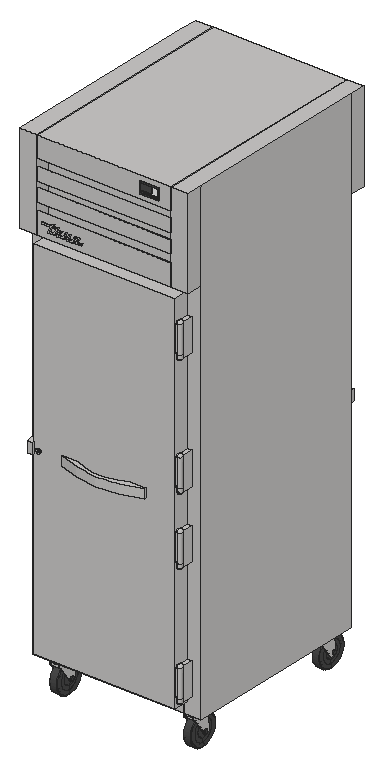
Revit family "QF_TRUE_STG1FPT-1S-1S", category Specialty Equipment, Revit 2012 (continued)
Automatic sketch dimensions
  Revolve 10 sketch curve to plane 4 "FRONT" = 43/64"
  Revolve 10 sketch curve to Revolve 10 sketch curve = 0.40666"
  Revolve 10 sketch curve to Revolve 10 sketch curve = 0"
  Revolve 10 sketch curve to plane 5 "TOP" = 18.75492"
  Revolve 10 sketch curve to Revolve 10 sketch curve = 0.55526"
  Revolve 10 sketch curve to Revolve 10 sketch curve = 0.19474"
  Revolve 10 sketch curve to Revolve 10 sketch curve = 0.14649"
  Revolve 10 sketch curve to Revolve 10 sketch curve = 4.42889"
  Revolve 10 sketch curve to Revolve 10 sketch curve = 0.05342"
  Revolve 10 sketch curve to Revolve 10 sketch curve = 0.51246"
  Revolve 10 sketch curve to Revolve 10 sketch curve = 0.05889"
  Extrusion 11 sketch curve to plane 3 "RIGHT" = 1.88366"
  Extrusion 11 sketch curve to Extrusion 11 sketch curve = 0.39759"
  Extrusion 11 sketch curve to plane 5 "TOP" = 19.6514"
  Extrusion 11 sketch curve to Extrusion 11 sketch curve = 4.47281"
  Extrusion 12 sketch curve to plane 4 "FRONT" = 11/16"
  Extrusion 12 sketch curve to Extrusion 12 sketch curve = 0.43503"
  Extrusion 12 sketch curve to Extrusion 12 sketch curve = 0.20453"
  Extrusion 12 sketch curve to Extrusion 12 sketch curve = 1.42294"
  plane 6 to Extrusion 12 sketch curve = 38.92729"
  Extrusion 12 sketch curve to Extrusion 12 sketch curve = 4.39928"
  Extrusion 12 sketch curve to Extrusion 12 sketch curve = 0.71221"
  Revolve 13 sketch curve to plane 4 "FRONT" = 0.26521"  (x2)
  Revolve 13 sketch curve to Revolve 13 sketch curve = 0.38242"
  Revolve 13 sketch curve to Revolve 13 sketch curve = 0.38436"
  Revolve 13 sketch curve to plane 4 "FRONT" = 43/64"
  Revolve 13 sketch curve to Revolve 13 sketch curve = 0.40666"
  Revolve 13 sketch curve to Revolve 13 sketch curve = 0"
  Revolve 13 sketch curve to plane 5 "TOP" = 38.25492"
  Revolve 13 sketch curve to Revolve 13 sketch curve = 0.55526"
  Revolve 13 sketch curve to Revolve 13 sketch curve = 0.19474"
  Revolve 13 sketch curve to Revolve 13 sketch curve = 0.14649"
  Revolve 13 sketch curve to Revolve 13 sketch curve = 4.42889"
  Revolve 13 sketch curve to Revolve 13 sketch curve = 0.05342"
  Revolve 13 sketch curve to Revolve 13 sketch curve = 0.51246"
  Revolve 13 sketch curve to Revolve 13 sketch curve = 0.05889"
  Extrusion 14 sketch curve to plane 3 "RIGHT" = 1.88366"
  Extrusion 14 sketch curve to Extrusion 14 sketch curve = 0.39759"
  plane 6 to Extrusion 14 sketch curve = 38.8486"
  Extrusion 14 sketch curve to Extrusion 14 sketch curve = 4.47281"
  Extrusion 15 sketch curve to plane 4 "FRONT" = 11/16"
  Extrusion 15 sketch curve to Extrusion 15 sketch curve = 0.43503"
  Extrusion 15 sketch curve to Extrusion 15 sketch curve = 0.20453"
  Extrusion 15 sketch curve to Extrusion 15 sketch curve = 1.42294"
  plane 6 to Extrusion 15 sketch curve = 27.92729"
  Extrusion 15 sketch curve to Extrusion 15 sketch curve = 4.39928"
  Extrusion 15 sketch curve to Extrusion 15 sketch curve = 0.71221"
  Revolve 16 sketch curve to plane 4 "FRONT" = 0.26521"  (x2)
  Revolve 16 sketch curve to Revolve 16 sketch curve = 0.38242"
  Revolve 16 sketch curve to Revolve 16 sketch curve = 0.38436"
  Revolve 16 sketch curve to plane 4 "FRONT" = 43/64"
  Revolve 16 sketch curve to Revolve 16 sketch curve = 0.40666"
  Revolve 16 sketch curve to Revolve 16 sketch curve = 0"
  plane 6 to Revolve 16 sketch curve = 28.74508"
  Revolve 16 sketch curve to Revolve 16 sketch curve = 0.55526"
  Revolve 16 sketch curve to Revolve 16 sketch curve = 0.19474"
  Revolve 16 sketch curve to Revolve 16 sketch curve = 0.14649"
  Revolve 16 sketch curve to Revolve 16 sketch curve = 4.42889"
  Revolve 16 sketch curve to Revolve 16 sketch curve = 0.05342"
  Revolve 16 sketch curve to Revolve 16 sketch curve = 0.51246"
  Revolve 16 sketch curve to Revolve 16 sketch curve = 0.05889"
  Extrusion 17 sketch curve to plane 3 "RIGHT" = 1.88366"
  Extrusion 17 sketch curve to Extrusion 17 sketch curve = 0.39759"
  plane 6 to Extrusion 17 sketch curve = 27.8486"
  Extrusion 17 sketch curve to Extrusion 17 sketch curve = 4.47281"
  Extrusion 18 sketch curve to plane 4 "FRONT" = 11/16"
  Extrusion 18 sketch curve to Extrusion 18 sketch curve = 0.43503"
  Extrusion 18 sketch curve to Extrusion 18 sketch curve = 0.20453"
  Extrusion 18 sketch curve to Extrusion 18 sketch curve = 1.42294"
  plane 6 to Extrusion 18 sketch curve = 8.17729"
  plane 6 to Extrusion 18 sketch curve = 3.57348"
  Extrusion 18 sketch curve to Extrusion 18 sketch curve = 0.71221"
  Revolve 19 sketch curve to plane 4 "FRONT" = 0.26521"  (x2)
  Revolve 19 sketch curve to Revolve 19 sketch curve = 0.38242"
  Revolve 19 sketch curve to Revolve 19 sketch curve = 0.38436"
  Revolve 19 sketch curve to plane 4 "FRONT" = 43/64"
  Revolve 19 sketch curve to Revolve 19 sketch curve = 0.40666"
  Revolve 19 sketch curve to Revolve 19 sketch curve = 0"
  plane 6 to Revolve 19 sketch curve = 8.99508"
  Revolve 19 sketch curve to Revolve 19 sketch curve = 0.55526"
  Revolve 19 sketch curve to Revolve 19 sketch curve = 0.19474"
  Revolve 19 sketch curve to Revolve 19 sketch curve = 0.14649"
  plane 6 to Revolve 19 sketch curve = 3.62689"
  Revolve 19 sketch curve to Revolve 19 sketch curve = 0.05342"
  Revolve 19 sketch curve to Revolve 19 sketch curve = 0.51246"
  Revolve 19 sketch curve to Revolve 19 sketch curve = 0.05889"
  Extrusion 20 sketch curve to plane 3 "RIGHT" = 1.88366"
  Extrusion 20 sketch curve to Extrusion 20 sketch curve = 0.39759"
  plane 6 to Extrusion 20 sketch curve = 8.0986"
  plane 6 to Extrusion 20 sketch curve = 3.62579"
  Revolve 21 sketch curve to plane 3 "RIGHT" = 4.35148"
  Revolve 21 sketch curve to Revolve 21 sketch curve = 0.48273"
  Revolve 21 sketch curve to Revolve 21 sketch curve = 0.4"
  Revolve 21 sketch curve to Revolve 21 sketch curve = 0"  (x2)
  Revolve 21 sketch curve to Revolve 21 sketch curve = 0.1"  (x2)
  Revolve 21 sketch curve to Revolve 21 sketch curve = 0.16101"
  Revolve 21 sketch curve to Revolve 21 sketch curve = 0.75408"
  Revolve 21 sketch curve to Revolve 21 sketch curve = 0.92798"
  Revolve 21 sketch curve to Revolve 21 sketch curve = 0.06101"
  Revolve 21 sketch curve to Revolve 21 sketch curve = 1/2"
  Revolve 21 sketch curve to Revolve 21 sketch curve = 0.16509"
  Revolve 21 sketch curve to Revolve 21 sketch curve = 0.39592"
  level to Revolve 21 sketch curve = 2 1/2"
  Revolve 21 sketch curve to Revolve 21 sketch curve = 0.29941"  (x2)
  Revolve 21 sketch curve to Revolve 21 sketch curve = 3/4"  (x4)
  Revolve 21 sketch curve to Revolve 21 sketch curve = 0.59652"
  Revolve 21 sketch curve to Revolve 21 sketch curve = 0.60059"
  Extrusion 22 sketch curve to plane 6 = 0.63926"  (x2)
  Extrusion 22 sketch curve to plane 4 "FRONT" = 3.79864"
  Extrusion 22 sketch curve to Extrusion 22 sketch curve = 1/4"  (x2)
  level to Extrusion 22 sketch curve = 2.18736"  (x2)
  Extrusion 22 sketch curve to Extrusion 22 sketch curve = 1.7492"  (x2)
  Extrusion 22 sketch curve to Extrusion 22 sketch curve = 0.50669"  (x2)
  Extrusion 22 sketch curve to Extrusion 22 sketch curve = 2 1/2"  (x2)
  level to Extrusion 22 sketch curve = 2.59003"  (x2)
  Extrusion 22 sketch curve to Extrusion 22 sketch curve = 0.59966"  (x2)
  plane 7 to Extrusion 22 sketch curve = 6.6077"
  Extrusion 22 sketch curve to Extrusion 22 sketch curve = 0.60485"  (x2)
  Extrusion 23 sketch curve to plane 6 = 0.63926"  (x2)
  Extrusion 23 sketch curve to plane 4 "FRONT" = 3.79864"
  Extrusion 23 sketch curve to Extrusion 23 sketch curve = 1/4"  (x2)
  level to Extrusion 23 sketch curve = 2.18736"  (x2)
  Extrusion 23 sketch curve to Extrusion 23 sketch curve = 1.7492"  (x2)
  Extrusion 23 sketch curve to Extrusion 23 sketch curve = 0.50669"  (x2)
  Extrusion 23 sketch curve to Extrusion 23 sketch curve = 2 1/2"  (x2)
  level to Extrusion 23 sketch curve = 2.59003"  (x2)
  Extrusion 23 sketch curve to Extrusion 23 sketch curve = 0.59966"  (x2)
  plane 7 to Extrusion 23 sketch curve = 6.6077"
  Extrusion 23 sketch curve to Extrusion 23 sketch curve = 0.60485"  (x2)
  Revolve 24 sketch curve to plane 6 = 0"
  Revolve 24 sketch curve to plane 6 = 0.63926"
  Revolve 24 sketch curve to plane 3 "RIGHT" = 4.14082"
  Revolve 24 sketch curve to Revolve 24 sketch curve = 1.29707"
  Revolve 24 sketch curve to Revolve 24 sketch curve = 0"
  Revolve 24 sketch curve to Revolve 24 sketch curve = 0.09306"
  plane 6 to Revolve 24 sketch curve = 0.26768"
  Revolve 25 sketch curve to level = 0"
  Revolve 25 sketch curve to plane 6 = 0"
  Revolve 25 sketch curve to plane 3 "RIGHT" = 4.17713"
  level to Revolve 25 sketch curve = 1"
  Revolve 25 sketch curve to plane 3 "RIGHT" = 3 19/32"
  Revolve 25 sketch curve to Revolve 25 sketch curve = 1/4"
  Revolve 25 sketch curve to Revolve 25 sketch curve = 1/2"
  Revolve 25 sketch curve to Revolve 25 sketch curve = 0"
  Revolve 25 sketch curve to Revolve 25 sketch curve = 5/8"
  plane 6 to Revolve 25 sketch curve = 1 25/32"
  Revolve 26 sketch curve to level = 0"
  Revolve 26 sketch curve to plane 6 = 0"
  Revolve 26 sketch curve to plane 3 "RIGHT" = 4.17713"
  level to Revolve 26 sketch curve = 1"
  Revolve 26 sketch curve to plane 3 "RIGHT" = 3 19/32"
  Revolve 26 sketch curve to Revolve 26 sketch curve = 1/4"
  Revolve 26 sketch curve to Revolve 26 sketch curve = 1/2"
  Revolve 26 sketch curve to Revolve 26 sketch curve = 0"
  Revolve 26 sketch curve to Revolve 26 sketch curve = 5/8"
  plane 6 to Revolve 26 sketch curve = 1 25/32"
  Revolve 27 sketch curve to plane 6 = 0"
  Revolve 27 sketch curve to plane 6 = 0.63926"
  Revolve 27 sketch curve to plane 3 "RIGHT" = 4.14082"
  Revolve 27 sketch curve to Revolve 27 sketch curve = 1.29707"
  Revolve 27 sketch curve to Revolve 27 sketch curve = 0"
  Revolve 27 sketch curve to Revolve 27 sketch curve = 0.09306"
  plane 6 to Revolve 27 sketch curve = 0.26768"
  Extrusion 28 sketch curve to plane 6 = 0.63926"  (x2)
  Extrusion 28 sketch curve to plane 4 "FRONT" = 3.79864"
  Extrusion 28 sketch curve to Extrusion 28 sketch curve = 1/4"  (x2)
  Extrusion 28 sketch curve to Extrusion 28 sketch curve = 2 1/2"  (x2)
  Extrusion 28 sketch curve to plane 6 = 0.93273"  (x2)
  Extrusion 28 sketch curve to Extrusion 28 sketch curve = 0.03603"
  plane 7 to Extrusion 28 sketch curve = 6.6077"
  Extrusion 28 sketch curve to plane 6 = 1.24411"
  Revolve 29 sketch curve to plane 3 "RIGHT" = 4.35148"
  Revolve 29 sketch curve to Revolve 29 sketch curve = 0.48273"
  Revolve 29 sketch curve to Revolve 29 sketch curve = 0.4"
  Revolve 29 sketch curve to Revolve 29 sketch curve = 0"  (x2)
  Revolve 29 sketch curve to Revolve 29 sketch curve = 0.1"  (x2)
  Revolve 29 sketch curve to Revolve 29 sketch curve = 0.16101"
  Revolve 29 sketch curve to Revolve 29 sketch curve = 0.75408"
  Revolve 29 sketch curve to Revolve 29 sketch curve = 0.92798"
  Revolve 29 sketch curve to Revolve 29 sketch curve = 0.06101"
  Revolve 29 sketch curve to Revolve 29 sketch curve = 1/2"
  Revolve 29 sketch curve to Revolve 29 sketch curve = 0.16509"
  Revolve 29 sketch curve to Revolve 29 sketch curve = 0.39592"
  level to Revolve 29 sketch curve = 2 1/2"
  Revolve 29 sketch curve to Revolve 29 sketch curve = 0.29941"  (x2)
  Revolve 29 sketch curve to Revolve 29 sketch curve = 3/4"  (x4)
  Revolve 29 sketch curve to Revolve 29 sketch curve = 0.59652"
  Revolve 29 sketch curve to Revolve 29 sketch curve = 0.60059"
  plane 2 "LEFT" to Revolve 30 sketch curve = 1.33602"
  Revolve 30 sketch curve to Revolve 30 sketch curve = 0.48273"
  Revolve 30 sketch curve to Revolve 30 sketch curve = 0.4"
  Revolve 30 sketch curve to Revolve 30 sketch curve = 0"  (x2)
  Revolve 30 sketch curve to Revolve 30 sketch curve = 0.1"  (x2)
  Revolve 30 sketch curve to Revolve 30 sketch curve = 0.16101"
  Revolve 30 sketch curve to Revolve 30 sketch curve = 0.75408"
  Revolve 30 sketch curve to Revolve 30 sketch curve = 0.92798"
  Revolve 30 sketch curve to Revolve 30 sketch curve = 0.06101"
  Revolve 30 sketch curve to Revolve 30 sketch curve = 1/2"
  Revolve 30 sketch curve to Revolve 30 sketch curve = 0.16509"
  Revolve 30 sketch curve to Revolve 30 sketch curve = 0.39592"
  level to Revolve 30 sketch curve = 2 1/2"
  Revolve 30 sketch curve to Revolve 30 sketch curve = 0.29941"  (x2)
  Revolve 30 sketch curve to Revolve 30 sketch curve = 3/4"  (x4)
  Revolve 30 sketch curve to Revolve 30 sketch curve = 0.59652"
  Revolve 30 sketch curve to Revolve 30 sketch curve = 0.60059"
  Extrusion 31 sketch curve to plane 6 = 0.63926"  (x2)
  Extrusion 31 sketch curve to plane 4 "FRONT" = 3.79864"
  Extrusion 31 sketch curve to Extrusion 31 sketch curve = 1/4"  (x2)
  level to Extrusion 31 sketch curve = 2.18736"  (x2)
  Extrusion 31 sketch curve to Extrusion 31 sketch curve = 1.7492"  (x2)
  Extrusion 31 sketch curve to Extrusion 31 sketch curve = 0.50669"  (x2)
  Extrusion 31 sketch curve to Extrusion 31 sketch curve = 2 1/2"  (x2)
  level to Extrusion 31 sketch curve = 2.59003"  (x2)
  Extrusion 31 sketch curve to Extrusion 31 sketch curve = 0.59966"  (x2)
  plane 7 to Extrusion 31 sketch curve = 6.6077"
  Extrusion 31 sketch curve to Extrusion 31 sketch curve = 0.60485"  (x2)
  Extrusion 32 sketch curve to plane 6 = 0.63926"  (x2)
  Extrusion 32 sketch curve to plane 4 "FRONT" = 3.79864"
  Extrusion 32 sketch curve to Extrusion 32 sketch curve = 1/4"  (x2)
  level to Extrusion 32 sketch curve = 2.18736"  (x2)
  Extrusion 32 sketch curve to Extrusion 32 sketch curve = 1.7492"  (x2)
  Extrusion 32 sketch curve to Extrusion 32 sketch curve = 0.50669"  (x2)
  Extrusion 32 sketch curve to Extrusion 32 sketch curve = 2 1/2"  (x2)
  level to Extrusion 32 sketch curve = 2.59003"  (x2)
  Extrusion 32 sketch curve to Extrusion 32 sketch curve = 0.59966"  (x2)
  plane 7 to Extrusion 32 sketch curve = 6.6077"
  Extrusion 32 sketch curve to Extrusion 32 sketch curve = 0.60485"  (x2)
  Revolve 33 sketch curve to plane 6 = 0"
  Revolve 33 sketch curve to plane 6 = 0.63926"
  plane 2 "LEFT" to Revolve 33 sketch curve = 1.54668"
  Revolve 33 sketch curve to Revolve 33 sketch curve = 1.29707"
  Revolve 33 sketch curve to Revolve 33 sketch curve = 0"
  Revolve 33 sketch curve to Revolve 33 sketch curve = 0.09306"
  plane 6 to Revolve 33 sketch curve = 0.26768"
  Revolve 34 sketch curve to level = 0"
  Revolve 34 sketch curve to plane 6 = 0"
  plane 2 "LEFT" to Revolve 34 sketch curve = 1.51037"
  level to Revolve 34 sketch curve = 1"
  plane 2 "LEFT" to Revolve 34 sketch curve = 2 3/32"
  Revolve 34 sketch curve to Revolve 34 sketch curve = 1/4"
  Revolve 34 sketch curve to Revolve 34 sketch curve = 1/2"
  Revolve 34 sketch curve to Revolve 34 sketch curve = 0"
  Revolve 34 sketch curve to Revolve 34 sketch curve = 5/8"
  plane 6 to Revolve 34 sketch curve = 1 25/32"
  Revolve 35 sketch curve to level = 0"
  Revolve 35 sketch curve to plane 6 = 0"
  plane 2 "LEFT" to Revolve 35 sketch curve = 1.51037"
  level to Revolve 35 sketch curve = 1"
  plane 2 "LEFT" to Revolve 35 sketch curve = 2 3/32"
  Revolve 35 sketch curve to Revolve 35 sketch curve = 1/4"
  Revolve 35 sketch curve to Revolve 35 sketch curve = 1/2"
  Revolve 35 sketch curve to Revolve 35 sketch curve = 0"
  Revolve 35 sketch curve to Revolve 35 sketch curve = 5/8"
  plane 6 to Revolve 35 sketch curve = 1 25/32"
  Revolve 36 sketch curve to plane 6 = 0"
  Revolve 36 sketch curve to plane 6 = 0.63926"
  plane 2 "LEFT" to Revolve 36 sketch curve = 1.54668"
  Revolve 36 sketch curve to Revolve 36 sketch curve = 1.29707"
  Revolve 36 sketch curve to Revolve 36 sketch curve = 0"
  Revolve 36 sketch curve to Revolve 36 sketch curve = 0.09306"
  plane 6 to Revolve 36 sketch curve = 0.26768"
  Extrusion 37 sketch curve to plane 6 = 0.63926"  (x2)
  Extrusion 37 sketch curve to plane 4 "FRONT" = 3.79864"
  Extrusion 37 sketch curve to Extrusion 37 sketch curve = 1/4"  (x2)
  Extrusion 37 sketch curve to Extrusion 37 sketch curve = 2 1/2"  (x2)
  Extrusion 37 sketch curve to plane 6 = 0.93273"  (x2)
  Extrusion 37 sketch curve to Extrusion 37 sketch curve = 0.03603"
  plane 7 to Extrusion 37 sketch curve = 6.6077"
  Extrusion 37 sketch curve to plane 6 = 1.24411"
  plane 2 "LEFT" to Revolve 38 sketch curve = 1.33602"
  Revolve 38 sketch curve to Revolve 38 sketch curve = 0.48273"
  Revolve 38 sketch curve to Revolve 38 sketch curve = 0.4"
  Revolve 38 sketch curve to Revolve 38 sketch curve = 0"  (x2)
  Revolve 38 sketch curve to Revolve 38 sketch curve = 0.1"  (x2)
  Revolve 38 sketch curve to Revolve 38 sketch curve = 0.16101"
  Revolve 38 sketch curve to Revolve 38 sketch curve = 0.75408"
  Revolve 38 sketch curve to Revolve 38 sketch curve = 0.92798"
  Revolve 38 sketch curve to Revolve 38 sketch curve = 0.06101"
  Revolve 38 sketch curve to Revolve 38 sketch curve = 1/2"
  Revolve 38 sketch curve to Revolve 38 sketch curve = 0.16509"
  Revolve 38 sketch curve to Revolve 38 sketch curve = 0.39592"
  level to Revolve 38 sketch curve = 2 1/2"
  Revolve 38 sketch curve to Revolve 38 sketch curve = 0.29941"  (x2)
  Revolve 38 sketch curve to Revolve 38 sketch curve = 3/4"  (x4)
  Revolve 38 sketch curve to Revolve 38 sketch curve = 0.59652"
  Revolve 38 sketch curve to Revolve 38 sketch curve = 0.60059"
  Extrusion 39 sketch curve to plane 3 "RIGHT" = 2 55/64"
  Extrusion 39 sketch curve to plane 3 "RIGHT" = 3/64"
  plane 7 to Extrusion 39 sketch curve = 2 3/4"
  plane 7 to Extrusion 39 sketch curve = 3/16"
  plane 2 "LEFT" to Extrusion 40 sketch curve = 3/64"
  plane 7 to Extrusion 40 sketch curve = 3/16"
  Extrusion 40 sketch curve to Extrusion 40 sketch curve = 2 13/16"
  Extrusion 40 sketch curve to Extrusion 40 sketch curve = 2 9/16"
  plane 7 to Extrusion 41 sketch curve = 0.67295"
  Extrusion 41 sketch curve to Extrusion 41 sketch curve = 0.43503"
  Extrusion 41 sketch curve to Extrusion 41 sketch curve = 0.20453"
  Extrusion 41 sketch curve to Extrusion 41 sketch curve = 1 7/16"
  Extrusion 41 sketch curve to plane 5 "TOP" = 19.57271"
  Extrusion 41 sketch curve to Extrusion 41 sketch curve = 4.39928"
  Extrusion 41 sketch curve to Extrusion 41 sketch curve = 0.71221"
  plane 7 to Revolve 42 sketch curve = 0.25067"  (x2)
  Revolve 42 sketch curve to Revolve 42 sketch curve = 0.38242"
  Revolve 42 sketch curve to Revolve 42 sketch curve = 0.38436"
  plane 7 to Revolve 42 sketch curve = 0.65733"
  Revolve 42 sketch curve to Revolve 42 sketch curve = 0.40666"
  Revolve 42 sketch curve to Revolve 42 sketch curve = 0"
  Revolve 42 sketch curve to plane 5 "TOP" = 18.75492"
  Revolve 42 sketch curve to Revolve 42 sketch curve = 0.55526"
  Revolve 42 sketch curve to Revolve 42 sketch curve = 0.19474"
  Revolve 42 sketch curve to Revolve 42 sketch curve = 0.14649"
  Revolve 42 sketch curve to Revolve 42 sketch curve = 4.42889"
  Revolve 42 sketch curve to Revolve 42 sketch curve = 0.05342"
  Revolve 42 sketch curve to Revolve 42 sketch curve = 0.51246"
  Revolve 42 sketch curve to Revolve 42 sketch curve = 0.05889"
  plane 2 "LEFT" to Extrusion 43 sketch curve = 1.88366"
  Extrusion 43 sketch curve to Extrusion 43 sketch curve = 0.39759"
  Extrusion 43 sketch curve to plane 5 "TOP" = 19.6514"
  Extrusion 43 sketch curve to Extrusion 43 sketch curve = 4.47281"
  plane 7 to Extrusion 44 sketch curve = 0.67295"
  Extrusion 44 sketch curve to Extrusion 44 sketch curve = 0.43503"
  Extrusion 44 sketch curve to Extrusion 44 sketch curve = 0.20453"
  Extrusion 44 sketch curve to Extrusion 44 sketch curve = 1 7/16"
  plane 6 to Extrusion 44 sketch curve = 38.92729"
  Extrusion 44 sketch curve to Extrusion 44 sketch curve = 4.39928"
  Extrusion 44 sketch curve to Extrusion 44 sketch curve = 0.71221"
  plane 7 to Revolve 45 sketch curve = 0.25067"  (x2)
  Revolve 45 sketch curve to Revolve 45 sketch curve = 0.38242"
  Revolve 45 sketch curve to Revolve 45 sketch curve = 0.38436"
  plane 7 to Revolve 45 sketch curve = 0.65733"
  Revolve 45 sketch curve to Revolve 45 sketch curve = 0.40666"
  Revolve 45 sketch curve to Revolve 45 sketch curve = 0"
  Revolve 45 sketch curve to plane 5 "TOP" = 38.25492"
  Revolve 45 sketch curve to Revolve 45 sketch curve = 0.55526"
  Revolve 45 sketch curve to Revolve 45 sketch curve = 0.19474"
  Revolve 45 sketch curve to Revolve 45 sketch curve = 0.14649"
  Revolve 45 sketch curve to Revolve 45 sketch curve = 4.42889"
  Revolve 45 sketch curve to Revolve 45 sketch curve = 0.05342"
  Revolve 45 sketch curve to Revolve 45 sketch curve = 0.51246"
  Revolve 45 sketch curve to Revolve 45 sketch curve = 0.05889"
  plane 2 "LEFT" to Extrusion 46 sketch curve = 1.88366"
  Extrusion 46 sketch curve to Extrusion 46 sketch curve = 0.39759"
  plane 6 to Extrusion 46 sketch curve = 38.8486"
  Extrusion 46 sketch curve to Extrusion 46 sketch curve = 4.47281"
  plane 7 to Extrusion 47 sketch curve = 0.67295"
  Extrusion 47 sketch curve to Extrusion 47 sketch curve = 0.43503"
  Extrusion 47 sketch curve to Extrusion 47 sketch curve = 0.20453"
  Extrusion 47 sketch curve to Extrusion 47 sketch curve = 1 7/16"
  plane 6 to Extrusion 47 sketch curve = 27.92729"
  Extrusion 47 sketch curve to Extrusion 47 sketch curve = 4.39928"
  Extrusion 47 sketch curve to Extrusion 47 sketch curve = 0.71221"
  plane 7 to Revolve 48 sketch curve = 0.25066"  (x2)
  Revolve 48 sketch curve to Revolve 48 sketch curve = 0.38242"
  Revolve 48 sketch curve to Revolve 48 sketch curve = 0.38436"
  plane 7 to Revolve 48 sketch curve = 0.65733"
  Revolve 48 sketch curve to Revolve 48 sketch curve = 0.40666"
  Revolve 48 sketch curve to Revolve 48 sketch curve = 0"
  plane 6 to Revolve 48 sketch curve = 28.74508"
  Revolve 48 sketch curve to Revolve 48 sketch curve = 0.55526"
  Revolve 48 sketch curve to Revolve 48 sketch curve = 0.19474"
  Revolve 48 sketch curve to Revolve 48 sketch curve = 0.14649"
  Revolve 48 sketch curve to Revolve 48 sketch curve = 4.42889"
  Revolve 48 sketch curve to Revolve 48 sketch curve = 0.05342"
  Revolve 48 sketch curve to Revolve 48 sketch curve = 0.51246"
  Revolve 48 sketch curve to Revolve 48 sketch curve = 0.05889"
  plane 2 "LEFT" to Extrusion 49 sketch curve = 1.88366"
  Extrusion 49 sketch curve to Extrusion 49 sketch curve = 0.39759"
  plane 6 to Extrusion 49 sketch curve = 27.8486"
  Extrusion 49 sketch curve to Extrusion 49 sketch curve = 4.47281"
  plane 7 to Extrusion 50 sketch curve = 0.67295"
  Extrusion 50 sketch curve to Extrusion 50 sketch curve = 0.43503"
  Extrusion 50 sketch curve to Extrusion 50 sketch curve = 0.20453"
  Extrusion 50 sketch curve to Extrusion 50 sketch curve = 1 7/16"
  plane 6 to Extrusion 50 sketch curve = 8.17729"
  plane 6 to Extrusion 50 sketch curve = 3.57348"
  Extrusion 50 sketch curve to Extrusion 50 sketch curve = 0.71221"
  plane 7 to Revolve 51 sketch curve = 0.25066"  (x2)
  Revolve 51 sketch curve to Revolve 51 sketch curve = 0.38242"
  Revolve 51 sketch curve to Revolve 51 sketch curve = 0.38436"
  plane 7 to Revolve 51 sketch curve = 0.65733"
  Revolve 51 sketch curve to Revolve 51 sketch curve = 0.40666"
  Revolve 51 sketch curve to Revolve 51 sketch curve = 0"
  plane 6 to Revolve 51 sketch curve = 8.99508"
  Revolve 51 sketch curve to Revolve 51 sketch curve = 0.55526"
  Revolve 51 sketch curve to Revolve 51 sketch curve = 0.19474"
  Revolve 51 sketch curve to Revolve 51 sketch curve = 0.14649"
  plane 6 to Revolve 51 sketch curve = 3.62689"
  Revolve 51 sketch curve to Revolve 51 sketch curve = 0.05342"
  Revolve 51 sketch curve to Revolve 51 sketch curve = 0.51246"
  Revolve 51 sketch curve to Revolve 51 sketch curve = 0.05889"
  plane 2 "LEFT" to Extrusion 52 sketch curve = 1.88366"
  Extrusion 52 sketch curve to Extrusion 52 sketch curve = 0.39759"
  plane 6 to Extrusion 52 sketch curve = 8.0986"
  plane 6 to Extrusion 52 sketch curve = 3.62579"
  Blend 53 sketch curve to plane 3 "RIGHT" = 2 9/32"  (x2)
  Blend 53 sketch curve to Blend 53 sketch curve = 3/4"
  plane 6 to Blend 53 sketch curve = 33.35643"
  Blend 53 sketch curve to Blend 53 sketch curve = 1 3/4"
  Blend 53 sketch curve to Blend 53 sketch curve = 0.93223"
  plane 6 to Blend 53 sketch curve = 33.79117"
  Blend 53 sketch curve to Blend 53 sketch curve = 2.78233"
  Extrusion 54 sketch curve to plane 5 "TOP" = 2.55982"
  Extrusion 54 sketch curve to plane 3 "RIGHT" = 7.7246"
  Extrusion 54 sketch curve to Extrusion 54 sketch curve = 2 29/32"
  Extrusion 54 sketch curve to plane 5 "TOP" = 13/16"
  Extrusion 55 sketch curve to plane 5 "TOP" = 3/4"
  Extrusion 55 sketch curve to plane 3 "RIGHT" = 7.7871"
  Extrusion 55 sketch curve to Extrusion 55 sketch curve = 1/16"  (x4)
  Extrusion 55 sketch curve to Extrusion 55 sketch curve = 0.1375"  (x2)
  Extrusion 55 sketch curve to Extrusion 55 sketch curve = 1/4"  (x4)
  Extrusion 55 sketch curve to Extrusion 55 sketch curve = 0.44601"
  Extrusion 55 sketch curve to Extrusion 55 sketch curve = 1/2"  (x2)
  Extrusion 55 sketch curve to Extrusion 55 sketch curve = 0.0035"
  Extrusion 55 sketch curve to Extrusion 55 sketch curve = 1.06923"
  Extrusion 55 sketch curve to plane 5 "TOP" = 0.95"
  Extrusion 55 sketch curve to Extrusion 55 sketch curve = 1"
  Extrusion 55 sketch curve to Extrusion 55 sketch curve = 0.34106"  (x3)
  Extrusion 55 sketch curve to Extrusion 55 sketch curve = 0"
  Extrusion 55 sketch curve to Extrusion 55 sketch curve = 0.26876"
  plane 2 "LEFT" to Extrusion 57 sketch curve = 2 9/32"
  Extrusion 57 sketch curve to plane 3 "RIGHT" = 2 9/32"
  Extrusion 57 sketch curve to plane 5 "TOP" = 16 5/32"
  plane 6 to Extrusion 57 sketch curve = 1 29/32"
  plane 2 "LEFT" to Extrusion 58 sketch curve = 2 9/32"
  Extrusion 58 sketch curve to plane 3 "RIGHT" = 2 9/32"
  plane 6 to Extrusion 58 sketch curve = 1 29/32"
  Extrusion 58 sketch curve to plane 5 "TOP" = 16 5/32"
  plane 7 to Extrusion 59 sketch curve = 3/16"  (x2)
  Extrusion 59 sketch curve to plane 3 "RIGHT" = 6.95"
  Extrusion 59 sketch curve to Extrusion 59 sketch curve = 2.37851"  (x2)
  Extrusion 59 sketch curve to Extrusion 59 sketch curve = 4.42149"
  Extrusion 59 sketch curve to Extrusion 59 sketch curve = 0"
  Extrusion 59 sketch curve to plane 7 = 0.0247"
  plane 7 to Extrusion 59 sketch curve = 7.95429"
  Extrusion 59 sketch curve to Extrusion 59 sketch curve = 7.30945"
  Extrusion 60 sketch curve to plane 3 "RIGHT" = 3.04215"
  Extrusion 60 sketch curve to Extrusion 60 sketch curve = 0.02035"
  Extrusion 60 sketch curve to Extrusion 60 sketch curve = 0.0555"
  plane 6 to Extrusion 60 sketch curve = 31.58145"
  Extrusion 60 sketch curve to Extrusion 60 sketch curve = 0.29355"
  Extrusion 60 sketch curve to Extrusion 60 sketch curve = 0.27385"
  plane 2 "LEFT" to Extrusion 61 sketch curve = 2 27/32"
  Extrusion 61 sketch curve to plane 4 "FRONT" = 5.09023"
  plane 2 "LEFT" to Extrusion 62 sketch curve = 2 27/32"
  plane 7 to Extrusion 62 sketch curve = 5.44102"
  Extrusion 63 sketch curve to plane 3 "RIGHT" = 2 27/32"
  plane 7 to Extrusion 63 sketch curve = 5.44102"
  Extrusion 64 sketch curve to plane 3 "RIGHT" = 2 27/32"
  Extrusion 64 sketch curve to plane 4 "FRONT" = 5.09023"
  Extrusion 65 sketch curve to plane 4 "FRONT" = 3/16"  (x2)
  plane 2 "LEFT" to Extrusion 65 sketch curve = 6.95"
  Extrusion 65 sketch curve to Extrusion 65 sketch curve = 2.37851"  (x2)
  Extrusion 65 sketch curve to Extrusion 65 sketch curve = 4.42149"
  Extrusion 65 sketch curve to Extrusion 65 sketch curve = 0"
  plane 4 "FRONT" to Extrusion 65 sketch curve = 0.0247"
  Extrusion 65 sketch curve to plane 4 "FRONT" = 7.95429"
  Extrusion 65 sketch curve to Extrusion 65 sketch curve = 7.30945"
  plane 2 "LEFT" to Extrusion 66 sketch curve = 3.04215"
  Extrusion 66 sketch curve to Extrusion 66 sketch curve = 0.02035"
  Extrusion 66 sketch curve to Extrusion 66 sketch curve = 0.0555"
  plane 6 to Extrusion 66 sketch curve = 31.58145"
  Extrusion 66 sketch curve to Extrusion 66 sketch curve = 0.29355"
  Extrusion 66 sketch curve to Extrusion 66 sketch curve = 0.27385"
  curve 1 to plane 2 "LEFT" = 0"
  plane 4 "FRONT" to curve 8 = 0"
  plane 7 to curve 14 = 0"
  plane 4 "FRONT" to curve 13 = 0"
  curve 1 to plane 3 "RIGHT" = 0"
  plane 2 "LEFT" to curve 26 = 1.05276"
  plane 2 "LEFT" to curve 18 = 1.05276"
  curve 26 to curve 28 = 1.08606"
  curve 18 to curve 20 = 1.08606"
  plane 7 to curve 34 = 3/16"
  plane 2 "LEFT" to curve 34 = 2 9/32"
  curve 33 to plane 4 "FRONT" = 3/16"
  plane 2 "LEFT" to curve 33 = 2 9/32"
  curve 34 to curve 35 = 0.01713"
  plane 2 "LEFT" to curve 25 = 3.55276"
  plane 2 "LEFT" to curve 18 = 3.55276"
  curve 33 to curve 8 = 1.40832"
  plane 2 "LEFT" to curve 6 = 5.30512"
  plane 4 "FRONT" to curve 39 = 0.0247"  (x2)
  curve 8 to curve 39 = 3.24793"
  curve 38 to plane 7 = 0.0247"
  curve 35 to curve 38 = 4.72662"
  curve 38 to curve 37 = 2.37851"
  curve 39 to curve 40 = 2.72546"
  curve 40 to curve 10 = 0.67128"
  curve 17 to curve 39 = 9.09868"
  curve 40 to curve 39 = 0"
  curve 37 to curve 37 = 4.42149"
  curve 39 to curve 36 = 0.0875"
  curve 37 to curve 16 = 7.76225"
  curve 14 to curve 37 = 0.73378"
  curve 10 to curve 40 = 7.82475"
  curve 40 to curve 11 = 1.55392"
  curve 36 to plane 7 = 0.0247"
  curve 34 to plane 3 "RIGHT" = 5.30829"
  curve 39 to curve 12 = 2.20666"
  curve 12 to curve 23 = 31/256"
  curve 30 to plane 3 "RIGHT" = 4.63474"
  curve 36 to curve 14 = 3.18543"
  curve 22 to curve 23 = 1.08606"
  curve 30 to curve 31 = 1.08606"
  curve 33 to plane 4 "FRONT" = 0.06697"
  curve 33 to plane 3 "RIGHT" = 2.30833"
  curve 33 to curve 6 = 0.02708"
  curve 15 to curve 35 = 1.40832"
  curve 22 to plane 3 "RIGHT" = 2.13474"
  curve 30 to plane 3 "RIGHT" = 2.13474"
  curve 2 to curve 5 = 2 9/16"
  curve 5 to curve 20 = 1.14642"
  curve 5 to curve 24 = 1.14642"
  curve 23 to curve 23 = 0.62704"
  curve 19 to curve 19 = 0.62704"
  curve 40 to curve 39 = 7.30945"
  curve 39 to curve 36 = 5.59751"
  curve 28 to curve 34 = 8.66608"
  curve 32 to curve 15 = 8.66608"
  curve 27 to curve 27 = 0.62704"
  curve 31 to curve 31 = 0.62704"
  curve 1 to curve 2 = 2 9/16"
  plane 7 to curve 35 = 0.07688"
  Extrusion 56 sketch curve to plane 8 = 0"
  plane 7 to Extrusion 56 sketch curve = 0.13437"
  plane 2 "LEFT" to Extrusion 56 sketch curve = 2.05205"
  Extrusion 56 sketch curve to Extrusion 56 sketch curve = 0.2292"
  Extrusion 56 sketch curve to plane 4 "FRONT" = 3/16"
  plane 2 "LEFT" to Extrusion 56 sketch curve = 2 9/32"
  Extrusion 56 sketch curve to plane 3 "RIGHT" = 2 9/32"  (x2)
  plane 7 to Extrusion 56 sketch curve = 3/16"
  Extrusion 56 sketch curve to plane 4 "FRONT" = 0.13437"
  radius of Extrusion 7 sketch curve = 1/4"
  radius of Extrusion 60 sketch curve = 0.35"
  radius of Extrusion 61 sketch curve = 1 1/2"
  radius of Extrusion 62 sketch curve = 1 1/2"
  radius of Extrusion 63 sketch curve = 1 1/2"
  radius of Extrusion 64 sketch curve = 1 1/2"
  radius of Extrusion 66 sketch curve = 0.35"
Connectors (in)
  electrical at (24.25, 2.5625, 82), driven by "Volts", driven by "Watts"
    settings: on Extrusion 7, index 1, voltage 115 V, apparent load 1000.5 VA, apparent load phase1 0 VA, apparent load phase2 0 VA, apparent load phase3 0 VA, power factor 1, load classification "Other", number of poles 1, system type 30, power factor state 1, is connector primary yes, connector utility no, sub classification motor no, connector description "ELECTRICAL CONNECTION"
